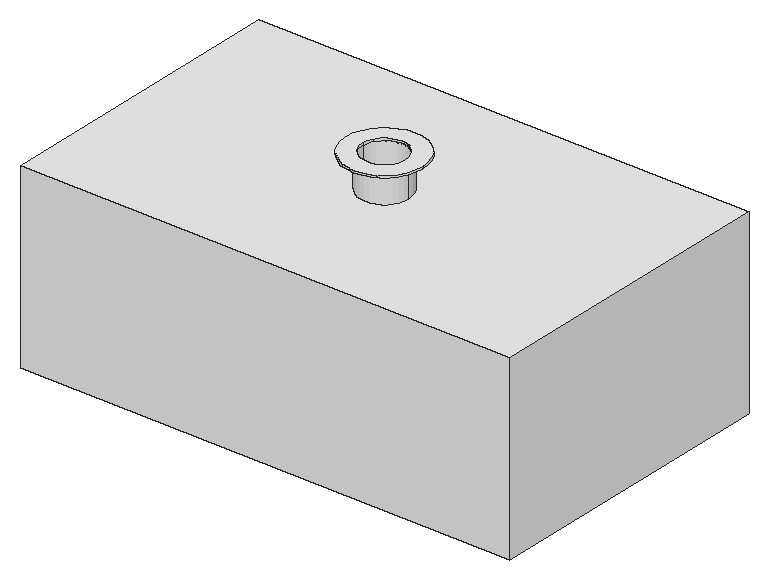
Revit family "Lighting-Recessed-Lucifer-A2RP", category Lighting Fixtures, host Face, Revit 2017
Family settings
  Host = Face
  Round Connector Dimension = Use Diameter
  Part Type = Normal
  Cut with Voids When Loaded = No
  Light Source = Yes
  Shared = No
  Room Calculation Point = No
Parameters
  Wattage = 9.2903 W
  built-in parameter 1150110 = 1 (stored number, unit not read)
  Voltage = 0 V
  URL = "http://www.luciferlighting.com/"
  Trim [instance] = yes
  built-in parameter 1114217 = 1 (stored number, unit not read)
  Tilt Angle = -90.00°
  built-in parameter 1150109 = 1 (stored number, unit not read)
  built-in parameter 1150134 = 3
  built-in parameter 1150113 = 1 (stored number, unit not read)
  Power Factor = 1
  Photometric Web File = "Load File"
  Number of Poles = 1
  built-in parameter 1150142 = (empty or 0)
  Model = "A2RP"
  Manufacturer = "Lucifer Lighting"
  built-in parameter 1150105 = 109.82 (stored number, unit not read)
  Lumens = 1380 lm
  built-in parameter 1150115 = 1 (stored number, unit not read)
  built-in parameter 1150137 = (empty or 0)
  built-in parameter 1150139 = (empty or 0)
  built-in parameter 1150112 = 1 (stored number, unit not read)
  built-in parameter 1150114 = 1 (stored number, unit not read)
  Lamp = "LED"
  built-in parameter 1150132 = (empty or 0)
  built-in parameter 1150102 = (empty or 0)
  built-in parameter 1150107 = 3200 (stored number, unit not read)
  built-in parameter 1150138 = (empty or 0)
  built-in parameter 1150106 = 1.0982 (stored number, unit not read)
  Housing Width = 7.75"
  Housing Length = 12.75"
  Housing Height = 5.52"
  Emit from Circle Diameter = 2.00"
  Emit Shape Visible in Rendering = no
  built-in parameter 1150104 = 13.8 (stored number, unit not read)
  Dimming Lamp Color Temperature Shift = <None>
  Description = "Recessed Adjustable"
  Default Elevation = 48.00"
  Color Filter = 16777215
  built-in parameter 1114218 = 1 (stored number, unit not read)
  built-in parameter 1150133 = 10 (stored number, unit not read)
  Apparent Load = 0 VA
Reference planes (in)
  plane 1 "Center (Front/Back)": y = 0
  plane 2: z = 0
  plane 3 "Center (Left/Right)": x = 0
  plane 4: y = 3.875
  plane 5: y = -3.875
  plane 6: z = -5.52
  plane 7: y = 3.875
  plane 8: y = -3.875
  plane 9: x = 6.375
  plane 10: x = -6.375
Forms (in)
  Extrusion 1, solid, material "Housing"
    sketch origin (0, 0, 0) x (1, 0, 0) y (0, 1, 0)
      loop
        line (-6.375, 3.875) -> (-6.375, -3.875) -> (6.375, -3.875) -> (6.375, 3.875) -> (-6.375, 3.875)
    from -5.52 to -0.8255
  Extrusion 2, solid, material "Trim Finish", visible <- "Trim"
    sketch origin (0, 0, 0) x (1, 0, 0) y (0, 1, 0)
      loop
        circle (0, 0) r 1
      loop
        circle (0, 0) r 0.56
    from 0 to 0.05232
  Extrusion 3, void
    sketch origin (0, 0, 0) x (1, 0, 0) y (0, 1, 0)
      loop
        circle (0, 0) r 1
    from -0.8255 to 0.05232
  Extrusion 4, solid, material "Housing"
    sketch origin (0, 0, 0) x (1, 0, 0) y (0, 1, 0)
      loop
        circle (0, 0) r 0.56
      loop
        circle (0, 0) r 0.63292
    from -0.8255 to 0
Dimensions and locks (in)
  equal spacing: plane 4, plane 1 "Center (Front/Back)", plane 5
  "Housing Width": plane 4 to plane 5
  "Housing Height": host face to plane 6
  equal spacing: plane 10, plane 3 "Center (Left/Right)", plane 9
  "Housing Length": plane 10 to plane 9
  equal spacing: plane 7, plane 1 "Center (Front/Back)", plane 8
  "Housing Width": plane 7 to plane 8
  plane 1 "Center (Front/Back)" to Extrusion 1 = 3.875"
  aligned and locked: plane 2 to host face
  aligned and locked: level to host face
  aligned and locked: Extrusion 1 sketch curve to plane 4
  aligned and locked: plane 5 to Extrusion 1 sketch curve
  aligned and locked: Extrusion 3 to Extrusion 1
  aligned and locked: Extrusion 2 to Extrusion 3
  aligned and locked: Extrusion 4 to Extrusion 1
  aligned and locked: level to Extrusion 4
  aligned and locked: Extrusion 1 to plane 6
  aligned and locked: plane 9 to Extrusion 1
Automatic sketch dimensions
  host sketch curve to host sketch curve = 96.00"  (x2)
  Extrusion 2 sketch curve to Extrusion 2 sketch curve = 0.00"  (x2)
  plane 1 "Center (Front/Back)" to Extrusion 2 sketch curve = 0.00"
  Extrusion 2 sketch curve to plane 3 "Center (Left/Right)" = 0.00"
  plane 1 "Center (Front/Back)" to Extrusion 3 sketch curve = 0.00"
  Extrusion 3 sketch curve to plane 3 "Center (Left/Right)" = 0.00"
  Extrusion 4 sketch curve to Extrusion 4 sketch curve = 0.00"  (x2)
  plane 1 "Center (Front/Back)" to Extrusion 4 sketch curve = 0.00"
  Extrusion 4 sketch curve to plane 3 "Center (Left/Right)" = 0.00"
  Extrusion 1 sketch curve to plane 10 = 0.00"
  Extrusion 1 sketch curve to plane 9 = 0.00"
  radius of Extrusion 2 sketch curve = 0.56"
  radius of Extrusion 3 sketch curve = 1.00"
  radius of Extrusion 2 sketch curve = 1.00"
  radius of Extrusion 4 sketch curve = 0.56"
  radius of Extrusion 4 sketch curve = 0.63292"
Connectors (in)
  electrical at (0, 0, -5.52), driven by "Number of Poles", driven by "Voltage", driven by "Apparent Load", driven by "Power Factor"
    settings: on Extrusion 1, index 1, voltage 0 V, apparent load 0 VA, apparent load phase1 0 VA, apparent load phase2 0 VA, apparent load phase3 0 VA, power factor 1, load classification "Other", number of poles 1, system type 31, power factor state 1, is connector primary yes, connector utility no, sub classification motor no, connector description "Power"
